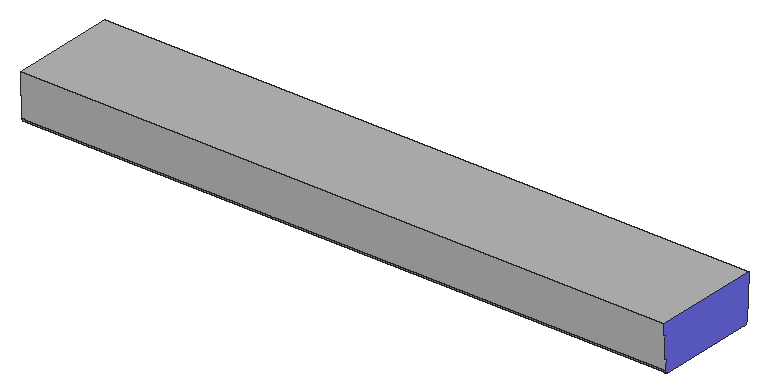
Revit family "6 inch PS Lintel -150W x 65H-mm", category Generic Models, Revit 2020
Family settings
  Can host rebar = No
  Round Connector Dimension = Use Diameter
  Part Type = Normal
  Work Plane-Based = No
  Always vertical = Yes
  Cut with Voids When Loaded = No
  Shared = No
  Room Calculation Point = No
Parameters
  Weight = "24Kg/m"
  Warranty Guarantor Parts = "n/a"
  Warranty Guarantor Labour = "n/a"
  Warranty Duration Unit = "n/a"
  Warranty Duration Parts = "n/a"
  Warranty Duration Labour = "n/a"
  Warranty Description = "n/a"
  URL = "www.killeshal.com"
  Types = "Single"
  Type Comments = "Visit our website for a full list of available products."
  Sustainability Performance = "n/a"
  Structural Class = "n/a"
  Span = "Lintel Length"
  Slope = "0.00°"
  Size = "150mm x 65mm"
  Shape = "Rectangular"
  Service Life = "0.000000"
  Serial Number = "n/a"
  Resistance to Fire = "Subject to nature of associated and or adjoining construction."
  Replacement Cost = "n/a"
  Reference = "n/a"
  Nominal Cover to Main Bar = "32.5mm"
  Model = "L/280 Concrete Lintel"
  Manufacturer = "Killeshal Precast Concrete Ltd."
  Load Bearing = yes
  Lintel Width [instance] = 150 mm
  Lintel Length [instance] = 914 mm
  Lintel Height [instance] = 65 mm
  Life Cycle Environmental Load = "n/a"
  Length Options = "Stock sizes 609mm, 762mm, 914mm, 1066mm, 1219mm, 1371mm, 1524mm, 1676mm, 1828mm, 1981mm, 2133mm, 2286mm, 2438mm, 2590mm, 2743mm 2895mm, 3048mm, 3200mm, 3352mm, 3505mm, 3657mm, 3809mm, 3962mm"
  Keynote = "The information contained is the sole property of KPC Ltd., any reproduction in part or whole without permission of KPC Ltd. is prohibited."
  Environmental Product Declaration = "n/a"
  Environmental Class = "n/a"
  Durability against Corrosion = "Ref: EN:845-2:2013 Annex C Table C.3. Class 2 B without rendering. Class 2 A when rendered."
  Dimension Accuracy Class = "I.S. EN 845-2:2013"
  Detailing = "As per design specification and product drawings."
  Description = "150W x 65H Pre-stressed Lintel"
  Default Elevation = 0 mm
  Dangerous Substances = "n/a"
  Contact Tel = "0035357 9353018"
  Contact Email = "sales@killeshal.com"
  Construction Type = "Precast"
  Construction Tolerance Class = "I.S. EN 845-2:2013"
  Concrete Class = "C30/37 as per EN: 206-1:2002"
  Compressive Strength of Concrete = "40N/mm²"
  Characteristics Deflection Under Load = "Not to exceed 1/200 across the length of each individual unit supplied."
  Bearing Required = "150mm each end for an ope up to 1500mm, 225mm each end for opes exceeding 1500mm"
Reference planes
  plane 1 "Center (Front/Back)": y = 0
  plane 2: z = 0
  plane 3 "Center (Left/Right)": x = 0
  plane 4 "Rear": y = 75
  plane 5 "Front": y = -75
  plane 6 "Top": z = 65
  plane 7 "Center L/T": y = 71.6
  plane 8 "Center L/U": y = -71.6
  plane 9 "Centreline": z = 32.5
Forms (mm)
  Extrusion 1, solid, material "Precast Concrete (KPC)"
    sketch origin (0, 0, 0) x (0, 1, 0) y (0, 0, 1)
      loop
        arc (67.809, 0) -> (70.563, 1.099) -> (71.804, 3.791) r 4
        line (71.804, 3.791) -> (75, 65) -> (-75, 65) -> (-71.804, 3.791)
        arc (-71.804, 3.791) -> (-70.563, 1.099) -> (-67.809, 0) r 4
        line (-67.809, 0) -> (67.809, 0)
    from 0 to 914
Dimensions and locks
  "Lintel Height": Extrusion 1 to Extrusion 1
  "Lintel Length": Extrusion 1 to Extrusion 1
  "Lintel Width": plane 4 "Rear" to plane 5 "Front"
  aligned and locked: level to plane 2
Automatic sketch dimensions
  Extrusion 1 sketch curve to plane 5 "Front" = 0 mm
  Extrusion 1 sketch curve to level = 0 mm
  Extrusion 1 sketch curve to plane 4 "Rear" = 0 mm
  Extrusion 1 sketch curve to plane 6 "Top" = 0 mm
  Extrusion 1 sketch curve to plane 8 "Center L/U" = 0.204 mm
  plane 8 "Center L/U" to Extrusion 1 sketch curve = 3.791 mm
  Extrusion 1 sketch curve to plane 7 "Center L/T" = 3.791 mm
  plane 7 "Center L/T" to Extrusion 1 sketch curve = 0.204 mm
  level to Extrusion 1 sketch curve = 3.791 mm  (x2)
